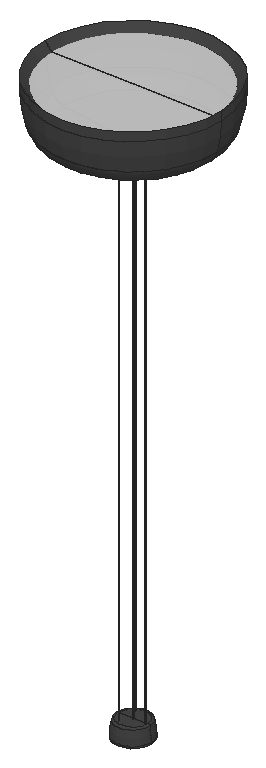
Revit family "3097945 Lighting Fixture_Sylvania_Nephos LED_Ceiling Pendant", category Lighting Fixtures, host Face, Revit 2017
Family settings
  Host = Face
  Round Connector Dimension = Use Diameter
  Part Type = Normal
  OmniClass Number = 23.80.70.11.17
  OmniClass Title = Specialized Lighting by Location or Use
  Cut with Voids When Loaded = No
  Light Source = Yes
  Shared = No
  Room Calculation Point = No
Parameters (values of type "NEPHOS 600 LED V2 GLOSS BLACK WW EB")
  Rod Length = Mounting Height - Height - 57.0 mm  # 1743.0 mm
  Radius = 300.0 mm
  Mounting Material = Steel_Sylvania_Nephos_Silver
  Mounting Height = 2000.0 mm
  Mounting Radius = 62.0 mm  # constant formula
  Life = "50 000h"  # constant formula
  LOR = "100%"
  IP Rating = "IP20"  # constant formula
  Weight = 4.97 kg
  Wattage = 39.8235 W
  built-in parameter 1150110 = 1 (stored number, unit not read)
  Voltage Comments = "UNV (Universal Voltage; 220-240 Volt)"  # constant formula
  Voltage = 230 V  # constant formula
  URL = "http://www.sylvania-lighting.com"
  built-in parameter 1114217 = 1 (stored number, unit not read)
  Tilt Angle = -90°
  built-in parameter 1150109 = 1 (stored number, unit not read)
  built-in parameter 1150134 = (empty or 0)
  built-in parameter 1150113 = 1 (stored number, unit not read)
  Product Page URL = "http://www.sylvania-lighting.com/product/en-int/products/3097945"
  Product Family = "NEPHOS"  # constant formula
  Photometry Comments = ""
  Photometric Web File = "3097945_NEPHOS600LEDV2GLOSSBLACKWWEB-209087.ies"
  Height = 200.0 mm
  Glow Wire Test = 650 °C
  Emit from Circle Diameter = Diameter - 10.0 mm  # 590.0 mm
  Emit Shape Visible in Rendering = no
  Electrical Protection = "Class I"  # constant formula
  Drive Current = "700mA"  # constant formula
  Diffuser Radius = Radius - 5.0 mm  # 295.0 mm
  Diffuser Material = Polycarbonate_Sylvania_Nephos_Opal
  Diameter = 2 * Radius  # 600.0 mm
  built-in parameter 1114216 [instance] = 1 (stored number, unit not read)
  Model = "NEPHOS 600 LED V2 GLOSS BLACK WW EB"
  Manufacturer = "Feilo Sylvania"
  built-in parameter 1150105 = 161.62 (stored number, unit not read)
  Lumens = 2031 lm
  built-in parameter 1150115 = 1 (stored number, unit not read)
  built-in parameter 1150137 = (empty or 0)
  built-in parameter 1150139 = (empty or 0)
  built-in parameter 1150112 = 1 (stored number, unit not read)
  built-in parameter 1150114 = 1 (stored number, unit not read)
  Lamp = "Integrated LED"
  built-in parameter 1150132 = 2
  built-in parameter 1150102 = (empty or 0)
  built-in parameter 1150107 = 3000 (stored number, unit not read)
  built-in parameter 1150138 = (empty or 0)
  built-in parameter 1150106 = 1.6162 (stored number, unit not read)
  CRI ( Ra ) = 85  # constant formula
  Body Material = Aluminium_Sylvania_Nephos_Black
  built-in parameter 1150104 = 4.7381 (stored number, unit not read)
  Dimming Lamp Color Temperature Shift = <None>
  Description = "High-end and decorative LED pendant with a contemporary curved design. Available in gloss black and gloss white colour finishes to suit either a high brightness reception, or an ambient lounge space. Diffused (direct) light provides a soft and ambient lighting effect. Perfect for hospitality and residential applications; can be used in restaurants, bars, reception areas or lounge spaces. Aluminium housing material. 600mm diameter. Delivers up to 1340lm (4000K luminaire lumen output). Available in 3000K and 4000K colour temperatures. DALI dimmable options. 25W. LED technology provides energy efficient solution and reduced maintenance costs. 50,000 hour life. Adjustable 2000mm suspension cable"  # constant formula
  Default Elevation = 0.0 mm
  Color Filter = 16777215
  Catalog Number = "3097945 NEPHOS 600 LED V2 GLOSS BLACK WW EB"
  built-in parameter 1140040 [instance] = 1
  built-in parameter 1114218 = 1 (stored number, unit not read)
  built-in parameter 1150133 = 10 (stored number, unit not read)
  Assembly Code = "D5020200"
  Apparent Load Comments = ""
  Apparent Load = 24 VA
Reference planes
  plane 1 "Center (Front/Back)": y = 0
  plane 2: z = 0
  plane 3 "Center (Left/Right)": x = 0
  plane 4 "Mounting Bottom": z = 57
  plane 5: z = 1800
  plane 6 "Fixture Bottom": z = 2000
  plane 7 "Diffuser Plane": z = 1975
  plane 8: z = 1820
  plane 9: z = 1870
  plane 10: z = 1970
  plane 11: z = 47
Forms (mm)
  Revolve 1, solid, material "Aluminium_Sylvania_Nephos_Black" <- "Body Material", detail levels fine
    sketch origin (0, 0, 0) x (1, 0, 0) y (0, 0, 1)
      loop
        line (-300, 2000) -> (-300, 1970)
        arc (-300, 1970) -> (-296.229, 1919.441) -> (-285, 1870) r 340.833
        arc (-285, 1870) -> (-268.025, 1840.027) -> (-240, 1820) r 79.807
        arc (-240, 1820) -> (-135.475, 1805.011) -> (-30, 1800) r 1112.5
        line (-30, 1800) -> (0, 1800) -> (0, 1805) -> (-30, 1805)
        arc (-30, 1805) -> (-134.731, 1809.963) -> (-238.523, 1824.808) r 1107.5
        arc (-238.523, 1824.808) -> (-264.485, 1843.568) -> (-280.22, 1871.467) r 74.807
        arc (-280.22, 1871.467) -> (-291.284, 1920.182) -> (-295, 1970) r 335.833
        line (-295, 1970) -> (-295, 1975) -> (-275, 1975) -> (-300, 2000)
      axis (0, 2000) -> (0, 1800)
    angle from 0 to 360
  Revolve 2, solid, material "Polycarbonate_Sylvania_Nephos_Opal" <- "Diffuser Material", detail levels fine
    sketch origin (0, 0, 0) x (1, 0, 0) y (0, 0, 1)
      loop
        line (0, 1975) -> (-295, 1975) -> (-295, 1970) -> (0, 1970) -> (0, 1975)
      axis (0, 1975) -> (0, 1970)
    angle from 0 to 360
  Revolve 3, solid, material "Aluminium_Sylvania_Nephos_Black" <- "Body Material", detail levels fine
    sketch origin (0, 0, 0) x (1, 0, 0) y (0, 0, 1)
      loop
        line (0, 57) -> (-50.541, 57)
        arc (-50.541, 57) -> (-54.527, 55.484) -> (-56.499, 51.702) r 6
        arc (-56.499, 51.702) -> (-60.62, 28.512) -> (-62, 5) r 201.008
        line (-62, 5) -> (-62, 0) -> (0, 0) -> (0, 57)
      axis (0, 57) -> (0, 0)
    angle from 0 to 360
  Extrusion 4, solid, material "Aluminium_Sylvania_Nephos_Black" <- "Body Material", detail levels fine
    sketch origin (0, 0, 0) x (1, 0, 0) y (0, 1, 0)
      loop
        circle (0, 0) r 2
    from 57 to 1800
  Revolve 5, solid, material "Aluminium_Sylvania_Nephos_Black" <- "Body Material", detail levels coarse+medium
    sketch origin (0, 0, 0) x (1, 0, 0) y (0, 0, 1)
      loop
        line (-300, 2000) -> (-300, 1970)
        arc (-300, 1970) -> (-296.229, 1919.441) -> (-285, 1870) r 340.833
        arc (-285, 1870) -> (-268.025, 1840.027) -> (-240, 1820) r 79.807
        arc (-240, 1820) -> (-135.475, 1805.011) -> (-30, 1800) r 1112.5
        line (-30, 1800) -> (0, 1800) -> (0, 2000) -> (-300, 2000)
      axis (0, 2000) -> (0, 1800)
    angle from 0 to 360
Lines and regions (mm)
  model lines
    curve 1: line (0, 0, 1800) -> (0, 0, 0)
Dimensions and locks
  locked: plane 4 "Mounting Bottom" to plane 2 at 57
  "Radius": plane 3 "Center (Left/Right)" to Revolve 1 sketch curve
  locked: Revolve 1 sketch curve to Revolve 1 sketch curve at 25
  locked: Revolve 1 sketch curve to Revolve 1 sketch curve at 15
  locked: Revolve 1 sketch curve to Revolve 1 sketch curve at 60
  "Diffuser Radius": plane 3 "Center (Left/Right)" to Revolve 2 sketch curve
  "Mounting Height": plane 6 "Fixture Bottom" to plane 2
  "Mounting Radius": plane 3 "Center (Left/Right)" to Revolve 3 sketch curve
  Revolve 3 sketch curve to Revolve 3 sketch curve to Revolve 3 sketch curve = 5.959 mm locked, 5.501 mm locked
  locked: Revolve 3 sketch curve to Revolve 3 sketch curve at 5.298
  locked: plane 4 "Mounting Bottom" to plane 11 at 10
  locked: Revolve 1 sketch curve to Revolve 1 sketch curve at 270
  locked: Revolve 5 sketch curve to Revolve 5 sketch curve at 15
  locked: Revolve 5 sketch curve to Revolve 5 sketch curve at 60
  locked: Revolve 5 sketch curve to Revolve 5 sketch curve at 270
  "Radius": plane 3 "Center (Left/Right)" to Revolve 5 sketch curve
  "Height": plane 6 "Fixture Bottom" to plane 5
  locked: plane 6 "Fixture Bottom" to plane 7 "Diffuser Plane" at 25
  plane 10 to plane 9 to plane 8 to plane 5 = 100.0 mm locked, 50.0 mm locked, 20.0 mm locked
  aligned and locked: plane 2 to host face
  aligned and locked: level to host face
  aligned and locked: plane 1 "Center (Front/Back)" to imposter light
  aligned and locked: plane 3 "Center (Left/Right)" to imposter light
  aligned and locked: Revolve 1 sketch curve to plane 3 "Center (Left/Right)"
  aligned and locked: plane 7 "Diffuser Plane" to Revolve 2 sketch curve
  aligned and locked: Revolve 2 sketch curve to plane 10
  aligned and locked: Revolve 2 sketch curve to plane 3 "Center (Left/Right)"
  aligned and locked: plane 4 "Mounting Bottom" to Revolve 3 sketch curve
  aligned and locked: Revolve 3 sketch curve to plane 3 "Center (Left/Right)"  (x2)
  aligned and locked: Extrusion 4 to plane 4 "Mounting Bottom"
  aligned and locked: plane 5 to Extrusion 4
  aligned and locked: plane 6 "Fixture Bottom" to imposter light
  aligned and locked: plane 5 to nested 1  (x2)
  aligned and locked: nested 1 to plane 1 "Center (Front/Back)"
  aligned and locked: nested 1 to plane 5
  aligned and locked: plane 5 to nested 2
  aligned and locked: plane 5 to nested 3
  aligned and locked: Revolve 5 sketch curve to plane 6 "Fixture Bottom"
  aligned and locked: plane 2 to curve 1
  aligned and locked: plane 5 to curve 1
  aligned and locked: curve 1 to plane 3 "Center (Left/Right)"
Automatic sketch dimensions
  host sketch curve to host sketch curve = 1305.563 mm
  host sketch curve to host sketch curve = 1283.632 mm
  plane 1 "Center (Front/Back)" to Extrusion 4 sketch curve = 0.0 mm
  Extrusion 4 sketch curve to plane 3 "Center (Left/Right)" = 0.0 mm
  Revolve 1 sketch curve to Revolve 1 sketch curve = 0.0 mm  (x7)
  Revolve 1 sketch curve to plane 7 "Diffuser Plane" = 0.0 mm
  Revolve 1 sketch curve to plane 10 = 0.0 mm
  Revolve 1 sketch curve to plane 9 = 0.0 mm  (x2)
  Revolve 1 sketch curve to plane 3 "Center (Left/Right)" = 0.0 mm
  Revolve 1 sketch curve to plane 5 = 0.0 mm
  Revolve 1 sketch curve to plane 8 = 0.0 mm
  Revolve 1 sketch curve to plane 6 "Fixture Bottom" = 0.0 mm
  Revolve 1 sketch curve to Revolve 1 sketch curve = 5.0 mm
  plane 5 to Revolve 1 sketch curve = 5.0 mm
  Revolve 1 sketch curve to Revolve 1 sketch curve = 135.894 mm
  Revolve 1 sketch curve to Revolve 1 sketch curve = 84.106 mm
  Revolve 2 sketch curve to plane 3 "Center (Left/Right)" = 0.0 mm
  plane 9 to Revolve 2 sketch curve = 25.416 mm
  plane 6 "Fixture Bottom" to Revolve 2 sketch curve = 55.416 mm
  Revolve 3 sketch curve to level = 0.0 mm
  level to Revolve 3 sketch curve = 5.0 mm
  Revolve 3 sketch curve to Revolve 3 sketch curve = 34.616 mm
  Revolve 3 sketch curve to Revolve 3 sketch curve = 68.384 mm
  Revolve 5 sketch curve to plane 9 = 0.0 mm  (x2)
  Revolve 5 sketch curve to plane 3 "Center (Left/Right)" = 0.0 mm  (x2)
  Revolve 5 sketch curve to plane 10 = 0.0 mm
  Revolve 5 sketch curve to plane 5 = 0.0 mm
  Revolve 5 sketch curve to plane 8 = 0.0 mm
  Revolve 5 sketch curve to plane 5 = 135.894 mm
  Revolve 5 sketch curve to Revolve 5 sketch curve = 84.106 mm
  radius of Extrusion 4 sketch curve = 2.0 mm
Nested families
  nested 1: "Mounting" at (41.499, 0, 1800) x (1, 0, 0) z (0, 0, -1), type "Mounting"
    with Rod Length 1743.0 mm
  nested 2: "Mounting" at (-20.75, 35.94, 1800) x (-0.5, 0.866, 0) z (0, 0, -1), type "Mounting"
    with Rod Length 1743.0 mm
  nested 3: "Mounting" at (-20.75, -35.94, 1800) x (-0.5, -0.866, 0) z (0, 0, -1), type "Mounting"
    with Rod Length 1743.0 mm
Connectors
  electrical at (0, 0, 0), driven by "Voltage", driven by "Apparent Load"
    settings: on Revolve 3, index 1, voltage 230 V, apparent load 0 VA, apparent load phase1 24 VA, apparent load phase2 0 VA, apparent load phase3 0 VA, power factor 1, load classification "Lighting", number of poles 1, system type 31, power factor state 1, is connector primary yes, connector utility no, sub classification motor no, connector description ""
Definition of nested family "Mounting"
  Parameters
    Rod Length = 1243.0 mm
    Mounting Material = none
    Default Elevation = 0.0 mm
  Reference planes
    plane 1 "Center (Front/Back)": y = 0
    plane 2: z = 0
    plane 3 "Center (Left/Right)": x = 0
    plane 4: y = 0
    plane 5: z = 1243
    plane 6: z = 6
  Forms (mm)
    Extrusion 1, solid, material <- "Mounting Material", detail levels fine
      sketch origin (0, 0, 0) x (1, 0, 0) y (0, 1, 0)
        loop
          circle (0, 0) r 0.5
      from 6 to 1243
    Extrusion 2, solid, material <- "Mounting Material", detail levels fine
      sketch origin (0, 0, 0) x (1, 0, 0) y (0, 1, 0)
        loop
          circle (0, 0) r 1.5
      from 0 to 6
  Dimensions and locks
    locked: plane 6 to plane 2 at 6
    "Rod Length": plane 5 to plane 2
    aligned and locked: level to plane 2
    aligned and locked: plane 5 to Extrusion 1
    aligned and locked: plane 6 to Extrusion 2
    aligned and locked: Extrusion 2 to plane 2
    aligned and locked: Extrusion 1 to plane 6
    aligned and locked: plane 1 "Center (Front/Back)" to plane 4
  Automatic sketch dimensions
    Extrusion 1 sketch curve to plane 3 "Center (Left/Right)" = 0.0 mm
    plane 4 to Extrusion 1 sketch curve = 0.0 mm
    Extrusion 2 sketch curve to plane 3 "Center (Left/Right)" = 0.0 mm
    plane 4 to Extrusion 2 sketch curve = 0.0 mm
    radius of Extrusion 1 sketch curve = 0.5 mm
    radius of Extrusion 2 sketch curve = 1.5 mm
